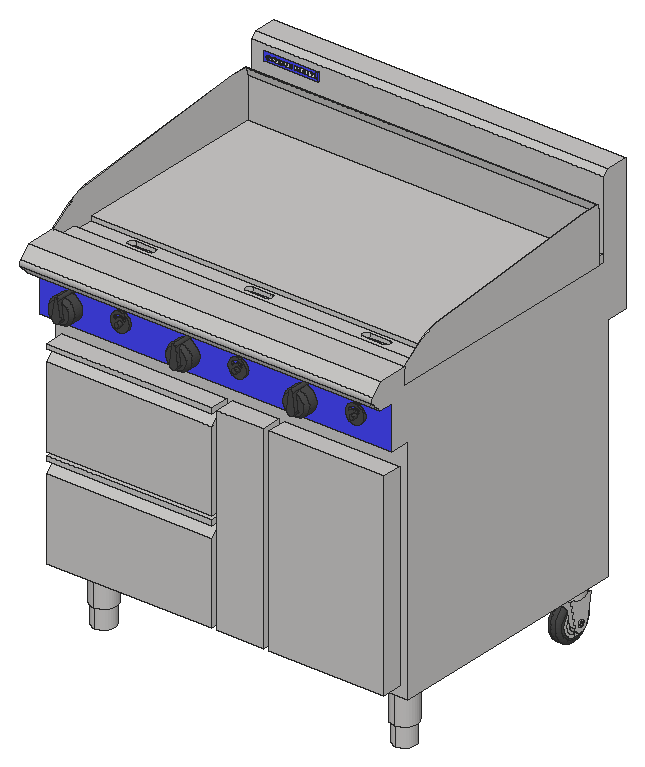
Revit family "QF_MOFFAT_BLUESEAL_CE_G516A-RB", category Specialty Equipment, Revit 2012
Parameters
  Weight in Pounds = 396  # constant formula
  Width [instance] = 900.00 mm  # constant formula
  Watts = 250 W
  Volts = 230 V
  URL Cutsheet = "www.moffat.com"
  URL = "www.moffat.com"
  Type Mark [instance] = ""
  Status [instance] = ""
  Specification by User [instance] = ""
  Specification by Manufacturer = ""
  Show Logo [instance] = yes
  Show Door [instance] = no
  Show Clearance [instance] = yes
  Show Casters [instance] = yes
  Serial Number = ""
  Seismic Rating = ""
  SMACNA No = ""
  Revision Code [instance] = ""
  Refrigerant Type = "R134a"
  Phase = 1
  Omniclass Number and Title = ""
  Number of Poles = 1
  NAFEM Spec ID Number = ""
  Model = "G516A-RB"
  Min Ckt Ampacity = 0 A
  Mechanical Remarks = ""
  Mechanical Connection Type = ""
  Max Overcurrent Protection = 0 A
  Masterspec = ""
  Manufacturer = "MOFFAT BLUESEAL"
  Legs [instance] = not(Show Casters)  # no
  Item Number [instance] = ""
  Installed By [instance] = ""
  Identify Quantity as Lot [instance] = yes
  HP = ""
  Gas Size = 3/4"
  Gas RI Height = 0.00 mm
  Gas KW = 16.6
  Gas Input = 56869.0 Btu/h
  Gas Connection Height = 0.00 mm
  Furnished By [instance] = ""
  Foodservice Equipment Identifier [instance] = yes
  FL Amps = 1.8 A
  Elec Conn RI Height = 0.00 mm
  Elec Conn Connection Height = 0.00 mm
  Drawer Clearance [instance] = and(Show Clearance, and(Drawer))  # yes
  Drawer [instance] = not(Show Door)  # yes
  Door Clearance [instance] = and(Show Clearance, and(Show Door))  # no
  Description = "900MM GAS GRIDDLE TOP ON REFRIGERATED BASE"
  Depth [instance] = 812.00 mm  # constant formula
  Cycle = 50 Hz
  Conn Plug = ""
  Conn Conduit = yes
  CSI MasterFormat = ""
  CSI Master Format = ""
  Back Splash [instance] = 215.00 mm  # constant formula
  Apparent Power = if(Phase = 3, Volts * FL Amps * 1.73, Volts * FL Amps)  # 414 VA
Reference planes
  plane 1 "BACK": y = 0
  plane 2: z = 0
  plane 3 "LEFT": x = 0
  plane 4 "RIGHT": x = 900
  plane 5 "FRONT": y = -812
  plane 6 "TOP": z = 970
  plane 7 "Center Y": x = 450
  plane 8 "Center X": y = -406
  plane 9 "Base Height": z = 150
  plane 10: z = 915
  plane 11: x = 65
  plane 12: x = 834
  plane 13: y = -625
  plane 14: x = 770
  plane 15: z = 655
  plane 16: y = -32
  plane 17: x = 617
  plane 18: z = 402
  plane 19: z = 1085
  plane 20: y = -100
Forms (mm)
  Extrusion 1, solid, material "QF_Finishes_Stainless Steel"
    sketch origin (0, 0, 0) x (0, 1, 0) y (0, 0, 1)
      loop
        line (-697, 150) -> (-57, 150) -> (-57, 740) -> (0, 740) -> (0, 1085) -> (-57.5, 1085) -> (-70, 1072.5) -> (-70, 875) -> (-705, 875) -> (-705, 915) -> (-783.97, 915) -> (-808.485, 890.485)
        arc (-808.485, 890.485) -> (-811.999, 882) -> (-808.485, 873.515) r 12
        line (-808.485, 873.515) -> (-784.97, 850) -> (-749, 850) -> (-749, 740) -> (-697, 740) -> (-697, 150)
    from 0 to 900
  Revolve 2, solid, material "QF_Finishes_Stainless Steel", visible <- "Legs"
    sketch origin (834, -210, 0) x (0, 1, 0) y (0, 0, -1)
      loop
        line (78.25, -150) -> (110, -150) -> (110, 0) -> (82.5, 0) -> (82.5, -50) -> (78.25, -50) -> (78.25, -150)
      axis (110, -150) -> (110, 0)
    angle from 0 to 360
  Revolve 3, solid, material "QF_Finishes_Stainless Steel"
    sketch origin (834, -735, 0) x (0, 1, 0) y (0, 0, -1)
      loop
        line (78.25, -150) -> (110, -150) -> (110, 0) -> (82.5, 0) -> (82.5, -50) -> (78.25, -50) -> (78.25, -150)
      axis (110, -150) -> (110, 0)
    angle from 0 to 360
  Revolve 4, solid, material "QF_Finishes_Stainless Steel", visible <- "Legs"
    sketch origin (65, -210, 0) x (0, 1, 0) y (0, 0, -1)
      loop
        line (78.25, -150) -> (110, -150) -> (110, 0) -> (82.5, 0) -> (82.5, -50) -> (78.25, -50) -> (78.25, -150)
      axis (110, -150) -> (110, 0)
    angle from 0 to 360
  Revolve 5, solid, material "QF_Finishes_Stainless Steel"
    sketch origin (65, -735, 0) x (0, 1, 0) y (0, 0, -1)
      loop
        line (78.25, -150) -> (110, -150) -> (110, 0) -> (82.5, 0) -> (82.5, -50) -> (78.25, -50) -> (78.25, -150)
      axis (110, -150) -> (110, 0)
    angle from 0 to 360
  Revolve 6, solid, material "QF_Finishes_Black"
    sketch origin (90, 0, 600) x (0, 1, 0) y (0, 0, -1)
      loop
        line (-789, -229.5) -> (-766, -229.5) -> (-766, -202) -> (-756, -202) -> (-756, -197) -> (-800, -197) -> (-800, -223.651) -> (-789, -229.5)
      axis (-800, -197) -> (-756, -197)
    angle from 0 to 360
  Extrusion 7, solid, material "QF_Finishes_Black"
    sketch origin (228.27, 0, 600.158) x (-1, 0, 0) y (0, 0, -1)
      loop
        line (127.85, -186.037) -> (133.271, -228.955)
        arc (133.271, -228.955) -> (138.27, -233.842) -> (143.268, -228.955) r 5
        line (143.268, -228.955) -> (148.757, -184.87)
        arc (148.757, -184.87) -> (137.685, -174.371) -> (127.85, -186.037) r 10.487
    from 759 to 808
  Extrusion 8, solid, material "QF_Finishes_Stainless Steel"
    sketch origin (0, -699, 685) x (1, 0, 0) y (0, -1, 0)
      loop
        circle (770, -667) r 13.5
    from -55 to 30
  Extrusion 9, solid, material "QF_Finishes_Stainless Steel"
    sketch origin (0, -57, 685) x (0, 0, 1) y (1, 0, 0)
      loop
        circle (-265, 620) r 13.5
    from 0 to 3.18
  Extrusion 10, solid, material "QF_Finishes_Black"
    sketch origin (0, -749, 866) x (0, 0, -1) y (1, 0, 0)
      loop
        circle (69, 510) r 23.9
      loop
        circle (69, 810) r 23.9
      loop
        circle (69, 210) r 23.9
      loop
        arc (61.641, 218.419) -> (62.501, 223.219) -> (57.701, 224.079) r 3.448
        arc (57.701, 224.079) -> (51.116, 209.341) -> (58.919, 195.209) r 18.095
        arc (58.919, 195.209) -> (63.641, 196.491) -> (62.326, 201.204) r 3.448
        arc (62.326, 201.204) -> (58.758, 209.683) -> (61.641, 218.419) r 13.109
      loop
        arc (61.641, 518.419) -> (62.501, 523.219) -> (57.701, 524.079) r 3.448
        arc (57.701, 524.079) -> (51.116, 509.341) -> (58.919, 495.209) r 18.095
        arc (58.919, 495.209) -> (63.641, 496.491) -> (62.326, 501.204) r 3.448
        arc (62.326, 501.204) -> (58.758, 509.683) -> (61.641, 518.419) r 13.109
      loop
        arc (61.641, 818.419) -> (62.501, 823.219) -> (57.701, 824.079) r 3.448
        arc (57.701, 824.079) -> (51.116, 809.341) -> (58.919, 795.209) r 18.095
        arc (58.919, 795.209) -> (63.641, 796.491) -> (62.326, 801.204) r 3.448
        arc (62.326, 801.204) -> (58.758, 809.683) -> (61.641, 818.419) r 13.109
    from 0 to 5
  Revolve 11, solid, material "QF_Finishes_Stainless Steel", visible <- "Show Casters"
    sketch origin (485.423, -100.755, -12.798) x (1, 0, 0) y (0, 0, 1)
      loop
        line (314.841, 63.604) -> (383.584, 63.604) -> (383.584, 67.109) -> (382.314, 68.379) -> (380.79, 68.379) -> (380.79, 71.826) -> (368.644, 71.826) -> (368.644, 81.79) -> (365.088, 83.843) -> (363.738, 92.179) -> (365.881, 92.179) -> (365.881, 98.529) -> (365.088, 98.529) -> (365.088, 104.879)
        arc (365.088, 104.879) -> (362.298, 111.614) -> (355.563, 114.404) r 9.525
        line (355.563, 114.404) -> (342.863, 114.404)
        arc (342.863, 114.404) -> (336.127, 111.614) -> (333.338, 104.879) r 9.525
        line (333.338, 104.879) -> (333.338, 98.529) -> (332.544, 98.529) -> (332.544, 92.179) -> (334.687, 92.179) -> (333.352, 83.932) -> (329.782, 81.871) -> (329.782, 71.826) -> (317.635, 71.826) -> (317.635, 68.379) -> (316.111, 68.379) -> (314.841, 67.109) -> (314.841, 63.604)
      axis (314.841, 63.604) -> (383.584, 63.604)
    angle from 0 to 360
  Extrusion 12, solid, material "QF_Finishes_Stainless Steel", visible <- "Show Casters"
    sketch origin (841.147, 132.353, -9.137) x (0, 1, 0) y (0, 0, 1)
      loop
        line (-200.603, 118.783) -> (-264.103, 118.783) -> (-251.746, 53.895)
        arc (-251.746, 53.895) -> (-232.353, 38.783) -> (-212.959, 53.895) r 20
        line (-212.959, 53.895) -> (-200.603, 118.783)
    from -35.667 to 22.923
  Revolve 13, solid, material "QF_Finishes_Stainless Steel", visible <- "Show Casters"
    sketch origin (834.646, -204, -0.354) x (0, 1, 0) y (0, 0, 1)
      loop
        line (68.25, 150) -> (68.25, 110) -> (104, 110) -> (104, 150) -> (68.25, 150)
      axis (104, 150) -> (104, 110)
    angle from 0 to 360
  Revolve 14, solid, material "QF_Finishes_Stainless Steel", visible <- "Show Casters"
    sketch origin (-283.577, -100.755, -12.798) x (1, 0, 0) y (0, 0, 1)
      loop
        line (314.841, 63.604) -> (383.584, 63.604) -> (383.584, 67.109) -> (382.314, 68.379) -> (380.79, 68.379) -> (380.79, 71.826) -> (368.644, 71.826) -> (368.644, 81.79) -> (365.088, 83.843) -> (363.738, 92.179) -> (365.881, 92.179) -> (365.881, 98.529) -> (365.088, 98.529) -> (365.088, 104.879)
        arc (365.088, 104.879) -> (362.298, 111.614) -> (355.563, 114.404) r 9.525
        line (355.563, 114.404) -> (342.863, 114.404)
        arc (342.863, 114.404) -> (336.127, 111.614) -> (333.338, 104.879) r 9.525
        line (333.338, 104.879) -> (333.338, 98.529) -> (332.544, 98.529) -> (332.544, 92.179) -> (334.687, 92.179) -> (333.352, 83.932) -> (329.782, 81.871) -> (329.782, 71.826) -> (317.635, 71.826) -> (317.635, 68.379) -> (316.111, 68.379) -> (314.841, 67.109) -> (314.841, 63.604)
      axis (314.841, 63.604) -> (383.584, 63.604)
    angle from 0 to 360
  Extrusion 15, solid, material "QF_Finishes_Stainless Steel", visible <- "Show Casters"
    sketch origin (72.147, 132.353, -9.137) x (0, 1, 0) y (0, 0, 1)
      loop
        line (-200.603, 118.783) -> (-264.103, 118.783) -> (-251.746, 53.895)
        arc (-251.746, 53.895) -> (-232.353, 38.783) -> (-212.959, 53.895) r 20
        line (-212.959, 53.895) -> (-200.603, 118.783)
    from -35.667 to 22.923
  Revolve 16, solid, material "QF_Finishes_Stainless Steel", visible <- "Show Casters"
    sketch origin (65.646, -204, -0.354) x (0, 1, 0) y (0, 0, 1)
      loop
        line (68.25, 150) -> (68.25, 110) -> (104, 110) -> (104, 150) -> (68.25, 150)
      axis (104, 150) -> (104, 110)
    angle from 0 to 360
  Revolve 17, solid, material "QF_Finishes_Black"
    sketch origin (390, 0, 600) x (0, 1, 0) y (0, 0, -1)
      loop
        line (-789, -229.5) -> (-766, -229.5) -> (-766, -202) -> (-756, -202) -> (-756, -197) -> (-800, -197) -> (-800, -223.651) -> (-789, -229.5)
      axis (-800, -197) -> (-756, -197)
    angle from 0 to 360
  Extrusion 18, solid, material "QF_Finishes_Black"
    sketch origin (528.27, 0, 600.158) x (-1, 0, 0) y (0, 0, -1)
      loop
        line (127.85, -186.037) -> (133.271, -228.955)
        arc (133.271, -228.955) -> (138.27, -233.842) -> (143.268, -228.955) r 5
        line (143.268, -228.955) -> (148.757, -184.87)
        arc (148.757, -184.87) -> (137.685, -174.371) -> (127.85, -186.037) r 10.487
    from 759 to 808
  Revolve 19, solid, material "QF_Finishes_Black"
    sketch origin (690, 0, 600) x (0, 1, 0) y (0, 0, -1)
      loop
        line (-789, -229.5) -> (-766, -229.5) -> (-766, -202) -> (-756, -202) -> (-756, -197) -> (-800, -197) -> (-800, -223.651) -> (-789, -229.5)
      axis (-800, -197) -> (-756, -197)
    angle from 0 to 360
  Extrusion 20, solid, material "QF_Finishes_Black"
    sketch origin (828.27, 0, 600.158) x (-1, 0, 0) y (0, 0, -1)
      loop
        line (127.85, -186.037) -> (133.271, -228.955)
        arc (133.271, -228.955) -> (138.27, -233.842) -> (143.268, -228.955) r 5
        line (143.268, -228.955) -> (148.757, -184.87)
        arc (148.757, -184.87) -> (137.685, -174.371) -> (127.85, -186.037) r 10.487
    from 759 to 808
  Extrusion 21, solid, material "QF_Finishes_Black"
    sketch origin (0, -754, 866) x (0, 0, -1) y (1, 0, 0)
      loop
        circle (72.5, 810) r 5.75
      loop
        circle (72.5, 510) r 5.75
      loop
        circle (72.5, 210) r 5.75
    from 0 to 10
  Extrusion 22, solid, material "QF_Finishes_Stainless Steel"
    sketch origin (0, 0, 0) x (0, 1, 0) y (0, 0, 1)
      loop
        line (-699, 678) -> (-747, 678) -> (-747, 665) -> (-715.13, 665) -> (-749, 636.579) -> (-749, 431) -> (-699, 431) -> (-699, 678)
      loop
        line (-749, 175) -> (-699, 175) -> (-699, 421) -> (-747, 421) -> (-747, 408) -> (-715.13, 408) -> (-749, 379.579) -> (-749, 175)
    from 17.986 to 440
  Extrusion 23, solid, material "QF_Finishes_Stainless Steel"
    sketch origin (723.5, 0, 0) x (0, 1, 0) y (0, 0, 1)
      loop
        line (-699, 678) -> (-749, 678) -> (-749, 175) -> (-699, 175) -> (-699, 678)
    from -270.5 to -150.5
  Extrusion 24, solid, material "QF_Door-Drawer Clearances", visible <- "Show Clearance", detail levels coarse
    sketch origin (0, -749, 676) x (0, 0, -1) y (1, 0, 0)
      loop
        line (501, 440) -> (255, 440) -> (255, 17.986) -> (501, 17.986) -> (501, 440)
      loop
        line (245, 440) -> (-2, 440) -> (-2, 17.986) -> (245, 17.986) -> (245, 440)
    from 0 to 304.8
  Extrusion 25, solid, material "QF_Finishes_Stainless Steel"
    sketch origin (1031.5, 0, 0) x (0, 1, 0) y (0, 0, 1)
      loop
        line (-699, 678) -> (-749, 678) -> (-749, 175) -> (-699, 175) -> (-699, 678)
    from -444.5 to -150.5
Lines and regions (mm)
  Split face 1
    outline origin (0, 612.322, 1085) x (0, -1, 0) y (1, 0, 0)
      loop
        arc (657.707, 566) -> (652.707, 574.66) -> (642.707, 574.66) r 10
        line (642.707, 574.66) -> (635.707, 570.619)
        arc (635.707, 570.619) -> (632.047, 566.959) -> (630.707, 561.959) r 10
        line (630.707, 561.959) -> (630.707, 334)
        arc (630.707, 334) -> (635.707, 325.34) -> (645.707, 325.34) r 10
        line (645.707, 325.34) -> (652.707, 329.381)
        arc (652.707, 329.381) -> (656.368, 333.041) -> (657.707, 338.041) r 10
        line (657.707, 338.041) -> (657.707, 566)
  Split face 2
    outline origin (0, 612.322, 1085) x (0, -1, 0) y (1, 0, 0)
      loop
        arc (630.707, 624) -> (635.707, 615.34) -> (645.707, 615.34) r 10
        line (645.707, 615.34) -> (652.707, 619.381)
        arc (652.707, 619.381) -> (656.368, 623.041) -> (657.707, 628.041) r 10
        line (657.707, 628.041) -> (657.707, 856)
        arc (657.707, 856) -> (652.707, 864.66) -> (642.707, 864.66) r 10
        line (642.707, 864.66) -> (635.707, 860.619)
        arc (635.707, 860.619) -> (632.047, 856.959) -> (630.707, 851.959) r 10
        line (630.707, 851.959) -> (630.707, 624)
  Split face 3
    outline origin (0, 612.322, 1085) x (0, -1, 0) y (1, 0, 0)
      loop
        arc (657.707, 276) -> (652.707, 284.66) -> (642.707, 284.66) r 10
        line (642.707, 284.66) -> (635.707, 280.619)
        arc (635.707, 280.619) -> (632.047, 276.959) -> (630.707, 271.959) r 10
        line (630.707, 271.959) -> (630.707, 44)
        arc (630.707, 44) -> (635.707, 35.34) -> (645.707, 35.34) r 10
        line (645.707, 35.34) -> (652.707, 39.381)
        arc (652.707, 39.381) -> (656.368, 43.041) -> (657.707, 48.041) r 10
        line (657.707, 48.041) -> (657.707, 276)
  Split face 4
    outline origin (1031.5, -749, 676) x (0, 0, -1) y (1, 0, 0)
      loop
        line (291.62, -416.534) -> (481.62, -416.534) -> (481.62, -181.534) -> (291.62, -181.534) -> (291.62, -416.534)
  Split face 5
    outline origin (1031.5, -749, 931) x (0, 0, -1) y (1, 0, 0)
      loop
        line (291.62, -416.534) -> (356.62, -416.534) -> (356.62, -181.534) -> (291.62, -181.534) -> (291.62, -416.534)
  Split face 6
    outline origin (1031.5, -749, 807.725) x (0, 0, -1) y (1, 0, 0)
      loop
        line (307.841, -274.649) -> (342.841, -274.649) -> (342.841, -219.649) -> (307.841, -219.649) -> (307.841, -274.649)
  Split face 7
    outline origin (939.097, -749, 808.536) x (0, 0, -1) y (1, 0, 0)
      loop
        line (307.841, -274.649) -> (342.841, -274.649) -> (342.841, -239.649) -> (307.841, -239.649) -> (307.841, -274.649)
  symbolic lines
    curve 1: line (0, 0, 0) -> (0, -812, 0)
    curve 2: line (900, 0, 0) -> (0, 0, 0)
    curve 3: line (900, -812, 0) -> (900, 0, 0)
    curve 4: line (0, -812, 0) -> (900, -812, 0)
    curve 13: line (0, -783.97, 0) -> (900, -783.97, 0)
    curve 14: line (0, -70, 0) -> (900, -70, 0)
    curve 15: line (334, -18.385, 0) -> (561.959, -18.385, 0)
    curve 16: arc (561.959, -18.385, 0) -> (566.959, -19.725, 0) -> (570.619, -23.385, 0) r 10
    curve 17: line (570.619, -23.385, 0) -> (574.66, -30.385, 0)
    curve 18: arc (574.66, -30.385, 0) -> (574.66, -40.385, 0) -> (566, -45.385, 0) r 10
    curve 19: line (566, -45.385, 0) -> (338.041, -45.385, 0)
    curve 20: arc (338.041, -45.385, 0) -> (333.041, -44.045, 0) -> (329.381, -40.385, 0) r 10
    curve 21: line (329.381, -40.385, 0) -> (325.34, -33.385, 0)
    curve 22: arc (325.34, -33.385, 0) -> (325.34, -23.385, 0) -> (334, -18.385, 0) r 10
    curve 23: line (44, -18.385, 0) -> (271.959, -18.385, 0)
    curve 24: arc (271.959, -18.385, 0) -> (276.959, -19.725, 0) -> (280.619, -23.385, 0) r 10
    curve 25: line (280.619, -23.385, 0) -> (284.66, -30.385, 0)
    curve 26: arc (284.66, -30.385, 0) -> (284.66, -40.385, 0) -> (276, -45.385, 0) r 10
    curve 27: line (276, -45.385, 0) -> (48.041, -45.385, 0)
    curve 28: arc (48.041, -45.385, 0) -> (43.041, -44.045, 0) -> (39.381, -40.385, 0) r 10
    curve 29: line (39.381, -40.385, 0) -> (35.34, -33.385, 0)
    curve 30: arc (35.34, -33.385, 0) -> (35.34, -23.385, 0) -> (44, -18.385, 0) r 10
    curve 31: line (624, -18.385, 0) -> (851.959, -18.385, 0)
    curve 32: arc (851.959, -18.385, 0) -> (856.959, -19.725, 0) -> (860.619, -23.385, 0) r 10
    curve 33: line (860.619, -23.385, 0) -> (864.66, -30.385, 0)
    curve 34: arc (864.66, -30.385, 0) -> (864.66, -40.385, 0) -> (856, -45.385, 0) r 10
    curve 35: line (856, -45.385, 0) -> (628.041, -45.385, 0)
    curve 36: arc (628.041, -45.385, 0) -> (623.041, -44.045, 0) -> (619.381, -40.385, 0) r 10
    curve 37: line (619.381, -40.385, 0) -> (615.34, -33.385, 0)
    curve 38: arc (615.34, -33.385, 0) -> (615.34, -23.385, 0) -> (624, -18.385, 0) r 10
    curve 39: line (0, -57.5, 0) -> (900, -57.5, 0)
  symbolic lines, style "SpecialityEquipmentHiddenLines", visible <- "Show Casters"
    curve 5: line (875.952, -62.61, 0) -> (825.152, -150.598, 0)
    curve 6: line (848.456, -46.735, 0) -> (875.952, -62.61, 0)
    curve 7: line (797.656, -134.723, 0) -> (848.456, -46.735, 0)
    curve 8: line (825.152, -150.598, 0) -> (797.656, -134.723, 0)
    curve 9: line (106.952, -62.61, 0) -> (56.152, -150.598, 0)
    curve 10: line (79.456, -46.735, 0) -> (106.952, -62.61, 0)
    curve 11: line (28.656, -134.723, 0) -> (79.456, -46.735, 0)
    curve 12: line (56.152, -150.598, 0) -> (28.656, -134.723, 0)
  symbolic lines, style "QF_Door-Drawer Clearances"
    curve 40: line (17.986, -1053.8, 0) -> (440, -1053.8, 0)
    curve 41: line (440, -1053.8, 0) -> (440, -812, 0)
    curve 42: line (17.986, -1053.8, 0) -> (17.986, -812, 0)
Dimensions and locks
  equal spacing: plane 3 "LEFT", plane 7 "Center Y", plane 4 "RIGHT"
  "Width": plane 3 "LEFT" to plane 4 "RIGHT"
  equal spacing: plane 5 "FRONT", plane 8 "Center X", plane 1 "BACK"
  "Depth": plane 5 "FRONT" to plane 1 "BACK"
  locked: plane 10 to level at 915
  locked: plane 9 "Base Height" to level at 150
  plane 6 "TOP" to plane 10 = 55.00 mm
  plane 12 to plane 11 = 769.00 mm
  plane 6 "TOP" to level = 970.00 mm
  plane 14 to plane 4 "RIGHT" = 130.00 mm
  plane 15 to level = 655.00 mm
  plane 16 to plane 1 "BACK" = 32.00 mm
  plane 17 to plane 4 "RIGHT" = 283.00 mm
  plane 18 to level = 402.00 mm
  plane 19 to plane 2 = 1085.00 mm
  Revolve 11 sketch curve to Revolve 11 sketch curve = 50.80 mm
  Revolve 14 sketch curve to Revolve 14 sketch curve = 50.80 mm
  plane 2 to Extrusion 9 sketch curve = 420.00 mm
  aligned and locked: level to plane 2
Automatic sketch dimensions
  Extrusion 1 sketch curve to plane 10 = 0.00 mm
  Extrusion 1 sketch curve to plane 9 "Base Height" = 0.00 mm
  Extrusion 1 sketch curve to plane 19 = 0.00 mm
  Extrusion 1 sketch curve to plane 1 "BACK" = 0.00 mm
  Extrusion 1 sketch curve to plane 16 = 25.00 mm
  Extrusion 1 sketch curve to plane 16 = 25.50 mm
  Extrusion 1 sketch curve to plane 20 = 30.00 mm
  Extrusion 1 sketch curve to plane 13 = 72.00 mm
  Extrusion 1 sketch curve to plane 13 = 80.00 mm
  Extrusion 1 sketch curve to Extrusion 1 sketch curve = 44.00 mm
  Extrusion 1 sketch curve to plane 5 "FRONT" = 28.03 mm
  Extrusion 1 sketch curve to plane 5 "FRONT" = 27.03 mm
  Extrusion 1 sketch curve to plane 5 "FRONT" = 12.001 mm
  Extrusion 1 sketch curve to plane 5 "FRONT" = 3.515 mm  (x2)
  plane 15 to Extrusion 1 sketch curve = 85.00 mm  (x2)
  Extrusion 1 sketch curve to plane 10 = 65.00 mm
  Extrusion 1 sketch curve to Extrusion 1 sketch curve = 23.515 mm
  Extrusion 1 sketch curve to Extrusion 1 sketch curve = 40.00 mm
  Extrusion 1 sketch curve to Extrusion 1 sketch curve = 8.485 mm
  Extrusion 1 sketch curve to plane 19 = 12.50 mm
  Revolve 2 sketch curve to plane 9 "Base Height" = 0.00 mm
  Revolve 2 sketch curve to level = 0.00 mm
  Revolve 2 sketch curve to plane 20 = 0.00 mm  (x2)
  plane 20 to Revolve 2 sketch curve = 27.50 mm
  plane 20 to Revolve 2 sketch curve = 31.75 mm
  level to Revolve 2 sketch curve = 50.00 mm
  Revolve 2 sketch curve to Revolve 2 sketch curve = 0.00 mm
  Revolve 2 sketch curve to Revolve 2 sketch curve = 55.00 mm
  Revolve 3 sketch curve to plane 9 "Base Height" = 0.00 mm
  Revolve 3 sketch curve to level = 0.00 mm
  Revolve 3 sketch curve to plane 13 = 0.00 mm  (x2)
  Revolve 3 sketch curve to plane 13 = 27.50 mm
  Revolve 3 sketch curve to plane 13 = 31.75 mm
  level to Revolve 3 sketch curve = 50.00 mm
  Revolve 3 sketch curve to Revolve 3 sketch curve = 0.00 mm
  Revolve 3 sketch curve to Revolve 3 sketch curve = 55.00 mm
  Revolve 4 sketch curve to plane 9 "Base Height" = 0.00 mm
  Revolve 4 sketch curve to level = 0.00 mm
  Revolve 4 sketch curve to plane 20 = 0.00 mm  (x2)
  plane 20 to Revolve 4 sketch curve = 27.50 mm
  plane 20 to Revolve 4 sketch curve = 31.75 mm
  level to Revolve 4 sketch curve = 50.00 mm
  Revolve 4 sketch curve to Revolve 4 sketch curve = 0.00 mm
  Revolve 4 sketch curve to Revolve 4 sketch curve = 55.00 mm
  Revolve 5 sketch curve to plane 9 "Base Height" = 0.00 mm
  Revolve 5 sketch curve to level = 0.00 mm
  Revolve 5 sketch curve to plane 13 = 0.00 mm  (x2)
  Revolve 5 sketch curve to plane 13 = 27.50 mm
  Revolve 5 sketch curve to plane 13 = 31.75 mm
  level to Revolve 5 sketch curve = 50.00 mm
  Revolve 5 sketch curve to Revolve 5 sketch curve = 0.00 mm
  Revolve 5 sketch curve to Revolve 5 sketch curve = 55.00 mm
  Revolve 6 sketch curve to plane 5 "FRONT" = 12.00 mm
  Revolve 6 sketch curve to Revolve 6 sketch curve = 0.00 mm  (x2)
  Revolve 6 sketch curve to Revolve 6 sketch curve = 11.00 mm
  Revolve 6 sketch curve to Revolve 6 sketch curve = 12.70 mm
  Revolve 6 sketch curve to Revolve 6 sketch curve = 23.00 mm
  Revolve 6 sketch curve to Revolve 6 sketch curve = 10.00 mm
  Revolve 6 sketch curve to plane 10 = 85.50 mm
  Revolve 6 sketch curve to Revolve 6 sketch curve = 5.849 mm
  Revolve 6 sketch curve to Revolve 6 sketch curve = 27.50 mm
  Revolve 6 sketch curve to Revolve 6 sketch curve = 5.00 mm
  plane 11 to Extrusion 7 sketch curve = 35.419 mm
  plane 11 to Extrusion 7 sketch curve = 29.999 mm
  Extrusion 7 sketch curve to Extrusion 7 sketch curve = 10.419 mm
  Extrusion 7 sketch curve to Extrusion 7 sketch curve = 4.999 mm  (x2)
  Extrusion 7 sketch curve to Extrusion 7 sketch curve = 10.487 mm
  Extrusion 7 sketch curve to plane 10 = 85.887 mm
  Extrusion 7 sketch curve to Extrusion 7 sketch curve = 0.113 mm
  Extrusion 7 sketch curve to Extrusion 7 sketch curve = 42.919 mm
  Extrusion 7 sketch curve to Extrusion 7 sketch curve = 1.167 mm
  Extrusion 8 sketch curve to plane 14 = 0.00 mm
  Extrusion 8 sketch curve to plane 16 = 0.00 mm
  Extrusion 1 to Extrusion 9 sketch curve = 280.00 mm
  plane 14 to Revolve 11 sketch curve = 30.264 mm
  Revolve 11 sketch curve to Revolve 11 sketch curve = 1.27 mm  (x4)
  Revolve 11 sketch curve to Revolve 11 sketch curve = 1.524 mm  (x2)
  Revolve 11 sketch curve to Revolve 11 sketch curve = 12.146 mm  (x2)
  plane 12 to Revolve 11 sketch curve = 16.033 mm
  Revolve 11 sketch curve to Revolve 11 sketch curve = 0.794 mm  (x2)
  Revolve 11 sketch curve to Revolve 11 sketch curve = 3.57 mm
  Revolve 11 sketch curve to Revolve 11 sketch curve = 2.143 mm
  plane 12 to Revolve 11 sketch curve = 5.715 mm
  Revolve 11 sketch curve to plane 12 = 5.776 mm
  Revolve 11 sketch curve to plane 12 = 6.985 mm
  Revolve 11 sketch curve to Revolve 11 sketch curve = 8.176 mm
  Revolve 11 sketch curve to Revolve 11 sketch curve = 1.349 mm  (x2)
  Revolve 11 sketch curve to Revolve 11 sketch curve = 3.556 mm
  Revolve 11 sketch curve to plane 4 "RIGHT" = 2.327 mm
  level to Revolve 11 sketch curve = 50.806 mm
  Revolve 11 sketch curve to Revolve 11 sketch curve = 0.00 mm
  Revolve 11 sketch curve to Revolve 11 sketch curve = 3.505 mm  (x2)
  Revolve 11 sketch curve to Revolve 11 sketch curve = 3.447 mm  (x2)
  Revolve 11 sketch curve to Revolve 11 sketch curve = 9.964 mm
  Revolve 11 sketch curve to Revolve 11 sketch curve = 10.045 mm
  Revolve 11 sketch curve to Revolve 11 sketch curve = 2.053 mm
  Revolve 11 sketch curve to Revolve 11 sketch curve = 2.061 mm
  Revolve 11 sketch curve to Revolve 11 sketch curve = 8.247 mm
  Revolve 11 sketch curve to Revolve 11 sketch curve = 8.336 mm
  Revolve 11 sketch curve to Revolve 11 sketch curve = 6.35 mm  (x2)
  Extrusion 12 sketch curve to plane 20 = 0.00 mm
  plane 20 to Extrusion 12 sketch curve = 19.393 mm
  plane 20 to Extrusion 12 sketch curve = 31.75 mm
  Extrusion 12 sketch curve to plane 20 = 19.393 mm
  Extrusion 12 sketch curve to plane 20 = 31.75 mm
  level to Extrusion 12 sketch curve = 44.758 mm
  Extrusion 12 sketch curve to Extrusion 12 sketch curve = 4.889 mm
  Extrusion 12 sketch curve to plane 9 "Base Height" = 40.354 mm
  Revolve 13 sketch curve to plane 20 = 0.00 mm  (x2)
  Revolve 13 sketch curve to plane 9 "Base Height" = 0.354 mm
  Revolve 13 sketch curve to Revolve 13 sketch curve = 35.75 mm
  Revolve 13 sketch curve to Revolve 13 sketch curve = 40.00 mm
  level to Revolve 13 sketch curve = 49.646 mm
  Revolve 13 sketch curve to level = 55.354 mm
  plane 3 "LEFT" to Revolve 14 sketch curve = 31.264 mm
  Revolve 14 sketch curve to Revolve 14 sketch curve = 1.27 mm  (x4)
  Revolve 14 sketch curve to Revolve 14 sketch curve = 1.524 mm  (x2)
  Revolve 14 sketch curve to Revolve 14 sketch curve = 12.146 mm  (x2)
  Revolve 14 sketch curve to plane 11 = 16.033 mm
  Revolve 14 sketch curve to Revolve 14 sketch curve = 0.794 mm  (x2)
  Revolve 14 sketch curve to Revolve 14 sketch curve = 3.57 mm
  Revolve 14 sketch curve to Revolve 14 sketch curve = 2.143 mm
  Revolve 14 sketch curve to plane 11 = 5.715 mm
  plane 11 to Revolve 14 sketch curve = 5.776 mm
  plane 11 to Revolve 14 sketch curve = 6.985 mm
  Revolve 14 sketch curve to Revolve 14 sketch curve = 8.176 mm
  Revolve 14 sketch curve to Revolve 14 sketch curve = 1.349 mm  (x2)
  Revolve 14 sketch curve to Revolve 14 sketch curve = 3.556 mm
  Revolve 14 sketch curve to Revolve 14 sketch curve = 33.32 mm
  level to Revolve 14 sketch curve = 50.806 mm
  Revolve 14 sketch curve to Revolve 14 sketch curve = 0.00 mm
  Revolve 14 sketch curve to Revolve 14 sketch curve = 3.505 mm  (x2)
  Revolve 14 sketch curve to Revolve 14 sketch curve = 3.447 mm  (x2)
  Revolve 14 sketch curve to Revolve 14 sketch curve = 9.964 mm
  Revolve 14 sketch curve to Revolve 14 sketch curve = 10.045 mm
  Revolve 14 sketch curve to Revolve 14 sketch curve = 2.053 mm
  Revolve 14 sketch curve to Revolve 14 sketch curve = 2.061 mm
  Revolve 14 sketch curve to Revolve 14 sketch curve = 8.247 mm
  Revolve 14 sketch curve to Revolve 14 sketch curve = 8.336 mm
  Revolve 14 sketch curve to Revolve 14 sketch curve = 6.35 mm  (x2)
  Extrusion 15 sketch curve to plane 20 = 0.00 mm
  plane 20 to Extrusion 15 sketch curve = 19.393 mm
  plane 20 to Extrusion 15 sketch curve = 31.75 mm
  Extrusion 15 sketch curve to plane 20 = 19.393 mm
  Extrusion 15 sketch curve to plane 20 = 31.75 mm
  level to Extrusion 15 sketch curve = 44.758 mm
  Extrusion 15 sketch curve to Extrusion 15 sketch curve = 4.889 mm
  Extrusion 15 sketch curve to plane 9 "Base Height" = 40.354 mm
  Revolve 16 sketch curve to plane 20 = 0.00 mm  (x2)
  Revolve 16 sketch curve to plane 9 "Base Height" = 0.354 mm
  plane 20 to Revolve 16 sketch curve = 35.75 mm
  Revolve 16 sketch curve to Revolve 16 sketch curve = 40.00 mm
  level to Revolve 16 sketch curve = 49.646 mm
  Revolve 16 sketch curve to level = 55.354 mm
  Split face 1 sketch curve to Extrusion 1 = 18.385 mm
  Split face 1 sketch curve to Split face 1 sketch curve = 5.00 mm  (x2)
  Split face 1 sketch curve to Split face 1 sketch curve = 10.00 mm  (x3)
  Split face 1 sketch curve to Split face 1 sketch curve = 7.00 mm  (x4)
  Split face 1 sketch curve to Extrusion 1 = 325.34 mm
  Split face 1 sketch curve to Split face 1 sketch curve = 4.041 mm  (x2)
  Split face 1 sketch curve to Split face 1 sketch curve = 223.917 mm
  Split face 2 sketch curve to Extrusion 1 = 18.385 mm
  Split face 2 sketch curve to Split face 2 sketch curve = 5.00 mm  (x2)
  Split face 2 sketch curve to Split face 2 sketch curve = 10.00 mm  (x3)
  Split face 2 sketch curve to Split face 2 sketch curve = 7.00 mm  (x4)
  Split face 2 sketch curve to Extrusion 1 = 284.66 mm
  Split face 2 sketch curve to Split face 2 sketch curve = 4.041 mm  (x2)
  Split face 2 sketch curve to Extrusion 1 = 48.041 mm
  Split face 3 sketch curve to Extrusion 1 = 18.385 mm
  Split face 3 sketch curve to Split face 3 sketch curve = 5.00 mm  (x2)
  Split face 3 sketch curve to Split face 3 sketch curve = 10.00 mm  (x3)
  Split face 3 sketch curve to Split face 3 sketch curve = 7.00 mm  (x4)
  Split face 3 sketch curve to Extrusion 1 = 35.34 mm
  Split face 3 sketch curve to Split face 3 sketch curve = 4.041 mm  (x2)
  Split face 3 sketch curve to Split face 3 sketch curve = 223.917 mm
  Revolve 17 sketch curve to plane 5 "FRONT" = 12.00 mm
  Revolve 17 sketch curve to Revolve 17 sketch curve = 0.00 mm  (x2)
  Revolve 17 sketch curve to Revolve 17 sketch curve = 11.00 mm
  Revolve 17 sketch curve to Revolve 17 sketch curve = 12.70 mm
  Revolve 17 sketch curve to Revolve 17 sketch curve = 23.00 mm
  Revolve 17 sketch curve to Revolve 17 sketch curve = 10.00 mm
  Revolve 17 sketch curve to plane 10 = 85.50 mm
  Revolve 17 sketch curve to Revolve 17 sketch curve = 5.849 mm
  Revolve 17 sketch curve to Revolve 17 sketch curve = 27.50 mm
  Revolve 17 sketch curve to Revolve 17 sketch curve = 5.00 mm
  Extrusion 18 sketch curve to plane 7 "Center Y" = 49.581 mm
  Extrusion 18 sketch curve to Extrusion 18 sketch curve = 5.421 mm
  Extrusion 18 sketch curve to Extrusion 18 sketch curve = 10.419 mm
  Extrusion 18 sketch curve to Extrusion 18 sketch curve = 4.999 mm  (x2)
  Extrusion 18 sketch curve to Extrusion 18 sketch curve = 10.487 mm
  Extrusion 18 sketch curve to plane 10 = 85.887 mm
  Extrusion 18 sketch curve to Extrusion 18 sketch curve = 0.113 mm
  Extrusion 18 sketch curve to Extrusion 18 sketch curve = 42.919 mm
  Extrusion 18 sketch curve to Extrusion 18 sketch curve = 1.167 mm
  Revolve 19 sketch curve to plane 5 "FRONT" = 12.00 mm
  Revolve 19 sketch curve to Revolve 19 sketch curve = 0.00 mm  (x2)
  Revolve 19 sketch curve to Revolve 19 sketch curve = 11.00 mm
  Revolve 19 sketch curve to Revolve 19 sketch curve = 12.70 mm
  Revolve 19 sketch curve to Revolve 19 sketch curve = 23.00 mm
  Revolve 19 sketch curve to Revolve 19 sketch curve = 10.00 mm
  Revolve 19 sketch curve to plane 10 = 85.50 mm
  Revolve 19 sketch curve to Revolve 19 sketch curve = 5.849 mm
  Revolve 19 sketch curve to Revolve 19 sketch curve = 27.50 mm
  Revolve 19 sketch curve to Revolve 19 sketch curve = 5.00 mm
  Extrusion 20 sketch curve to plane 14 = 69.581 mm
  Extrusion 20 sketch curve to Extrusion 20 sketch curve = 5.421 mm
  Extrusion 20 sketch curve to Extrusion 20 sketch curve = 10.419 mm
  Extrusion 20 sketch curve to Extrusion 20 sketch curve = 4.999 mm  (x2)
  Extrusion 20 sketch curve to Extrusion 20 sketch curve = 10.487 mm
  Extrusion 20 sketch curve to plane 10 = 85.887 mm
  Extrusion 20 sketch curve to Extrusion 20 sketch curve = 0.113 mm
  Extrusion 20 sketch curve to Extrusion 20 sketch curve = 42.919 mm
  Extrusion 20 sketch curve to Extrusion 20 sketch curve = 1.167 mm
  Extrusion 10 sketch curve to Extrusion 1 = 41.701 mm
  Extrusion 10 sketch curve to Extrusion 10 sketch curve = 1.218 mm
  Extrusion 10 sketch curve to Extrusion 10 sketch curve = 1.97 mm  (x6)
  Extrusion 10 sketch curve to Extrusion 10 sketch curve = 1.724 mm  (x3)
  Extrusion 10 sketch curve to Extrusion 10 sketch curve = 1.683 mm  (x3)
  Extrusion 10 sketch curve to Extrusion 1 = 53.00 mm  (x2)
  Extrusion 10 sketch curve to Extrusion 10 sketch curve = 6.674 mm
  Extrusion 10 sketch curve to Extrusion 10 sketch curve = 0.195 mm  (x3)
  Extrusion 10 sketch curve to Extrusion 10 sketch curve = 2.662 mm  (x3)
  Extrusion 1 to Extrusion 10 sketch curve = 195.209 mm
  Extrusion 10 sketch curve to Extrusion 10 sketch curve = 2.986 mm  (x3)
  Extrusion 10 sketch curve to Extrusion 10 sketch curve = 8.796 mm
  Extrusion 10 sketch curve to Extrusion 10 sketch curve = 0.103 mm  (x3)
  Extrusion 10 sketch curve to Extrusion 10 sketch curve = 0.102 mm  (x3)
  Extrusion 10 sketch curve to Extrusion 10 sketch curve = 285.921 mm
  Extrusion 1 to Extrusion 10 sketch curve = 90.00 mm
  Extrusion 10 sketch curve to Extrusion 10 sketch curve = 11.299 mm  (x2)
  Extrusion 10 sketch curve to Extrusion 10 sketch curve = 10.081 mm  (x2)
  Extrusion 10 sketch curve to Extrusion 10 sketch curve = 14.791 mm  (x2)
  Extrusion 22 sketch curve to plane 15 = 18.421 mm
  Extrusion 22 sketch curve to plane 5 "FRONT" = 63.00 mm  (x2)
  plane 9 "Base Height" to Extrusion 22 sketch curve = 25.00 mm
  plane 18 to Extrusion 22 sketch curve = 6.00 mm
  Extrusion 22 sketch curve to Extrusion 22 sketch curve = 2.00 mm  (x2)
  plane 15 to Extrusion 22 sketch curve = 10.00 mm
  Extrusion 22 sketch curve to Extrusion 22 sketch curve = 31.87 mm  (x2)
  Extrusion 22 sketch curve to Extrusion 22 sketch curve = 50.00 mm
  Extrusion 22 sketch curve to Extrusion 22 sketch curve = 0.00 mm
  Extrusion 22 sketch curve to plane 18 = 22.421 mm
  plane 18 to Extrusion 22 sketch curve = 19.00 mm
  Extrusion 22 sketch curve to Extrusion 22 sketch curve = 10.00 mm
  Extrusion 22 sketch curve to Extrusion 22 sketch curve = 13.00 mm
  plane 9 "Base Height" to Extrusion 23 sketch curve = 25.00 mm
  Extrusion 23 sketch curve to plane 5 "FRONT" = 63.00 mm
  Extrusion 23 sketch curve to Extrusion 23 sketch curve = 50.00 mm
  plane 15 to Extrusion 23 sketch curve = 23.00 mm
  Extrusion 24 sketch curve to Extrusion 22 = 0.00 mm  (x3)
  Extrusion 22 to Extrusion 24 sketch curve = 0.00 mm  (x2)
  Extrusion 22 to Extrusion 24 sketch curve = 41.421 mm
  Extrusion 22 to Extrusion 24 sketch curve = 10.00 mm
  Extrusion 24 sketch curve to Extrusion 24 sketch curve = 246.00 mm
  plane 9 "Base Height" to Extrusion 25 sketch curve = 25.00 mm
  Extrusion 25 sketch curve to plane 5 "FRONT" = 63.00 mm
  Extrusion 25 sketch curve to Extrusion 25 sketch curve = 50.00 mm
  plane 15 to Extrusion 25 sketch curve = 23.00 mm
  Split face 4 sketch curve to Extrusion 25 = 31.034 mm
  Split face 4 sketch curve to Extrusion 25 = 209.38 mm
  Split face 4 sketch curve to Extrusion 25 = 19.38 mm
  Split face 4 sketch curve to Extrusion 25 = 27.966 mm
  Split face 5 sketch curve to Extrusion 25 = 38.62 mm
  Split face 5 sketch curve to Extrusion 25 = 27.966 mm
  Split face 5 sketch curve to Split face 5 sketch curve = 65.00 mm
  Split face 5 sketch curve to Extrusion 25 = 31.034 mm
  Split face 6 sketch curve to Extrusion 25 = 69.149 mm
  Split face 6 sketch curve to Extrusion 25 = 178.116 mm
  Split face 6 sketch curve to Split face 6 sketch curve = 35.00 mm
  Split face 6 sketch curve to Split face 6 sketch curve = 55.00 mm
  Split face 7 sketch curve to Extrusion 25 = 177.305 mm
  Split face 7 sketch curve to Split face 7 sketch curve = 35.00 mm  (x2)
  Split face 7 sketch curve to Extrusion 25 = 77.448 mm
  plane 1 "BACK" to curve 1 = 0.00 mm
  curve 1 to plane 3 "LEFT" = 0.00 mm
  plane 5 "FRONT" to curve 42 = 0.00 mm
  curve 39 to plane 4 "RIGHT" = 0.00 mm
  plane 3 "LEFT" to curve 42 = 17.986 mm
  plane 3 "LEFT" to curve 12 = 28.656 mm
  curve 29 to plane 16 = 1.385 mm
  curve 29 to plane 11 = 29.66 mm
  curve 29 to plane 16 = 8.385 mm
  curve 30 to curve 29 = 4.041 mm
  plane 16 to curve 23 = 13.615 mm
  curve 30 to curve 23 = 8.66 mm
  curve 28 to curve 28 = 8.66 mm
  curve 9 to plane 11 = 8.848 mm
  plane 11 to curve 11 = 14.456 mm
  plane 16 to curve 24 = 3.615 mm
  curve 9 to curve 24 = 165.007 mm
  curve 26 to plane 16 = 3.385 mm
  curve 24 to curve 26 = 4.041 mm
  plane 16 to curve 24 = 8.615 mm
  plane 16 to curve 25 = 1.615 mm
  curve 25 to curve 25 = 4.041 mm
  curve 22 to plane 16 = 1.385 mm
  curve 25 to curve 22 = 40.679 mm
  curve 21 to plane 16 = 8.385 mm
  curve 21 to curve 21 = 4.041 mm
  plane 16 to curve 15 = 13.615 mm
  curve 22 to curve 15 = 8.66 mm
  curve 21 to curve 19 = 8.66 mm
  curve 41 to plane 7 "Center Y" = 10.00 mm
  curve 15 to plane 17 = 55.041 mm
  curve 16 to curve 19 = 4.041 mm
  plane 16 to curve 17 = 8.615 mm
  curve 15 to curve 17 = 8.66 mm
  plane 16 to curve 17 = 1.615 mm
  curve 17 to curve 17 = 4.041 mm
  curve 38 to plane 17 = 1.66 mm
  plane 17 to curve 36 = 2.381 mm
  plane 17 to curve 38 = 7.00 mm
  curve 36 to plane 16 = 3.385 mm
  curve 38 to curve 36 = 4.041 mm
  plane 14 to curve 8 = 27.656 mm
  plane 12 to curve 5 = 8.848 mm
  curve 7 to plane 12 = 14.456 mm
  plane 16 to curve 32 = 3.615 mm
  curve 32 to plane 12 = 17.959 mm
  curve 34 to plane 16 = 3.385 mm
  curve 32 to curve 34 = 4.041 mm  (x2)
  plane 16 to curve 33 = 8.615 mm
  curve 32 to curve 33 = 8.66 mm
  plane 16 to curve 34 = 1.615 mm
  curve 40 to curve 42 = 241.80 mm
  curve 13 to plane 5 "FRONT" = 28.03 mm
  plane 20 to curve 9 = 50.598 mm
  plane 20 to curve 5 = 50.598 mm
  curve 5 to curve 7 = 15.875 mm
  curve 9 to curve 11 = 15.875 mm
  curve 14 to curve 5 = 7.39 mm
  curve 14 to curve 39 = 12.50 mm
  curve 18 to plane 16 = 13.385 mm
  curve 37 to plane 16 = 1.385 mm
  radius of Extrusion 8 sketch curve = 13.50 mm
  radius of Extrusion 9 sketch curve = 13.50 mm
  radius of Extrusion 10 sketch curve = 23.90 mm  (x3)
Nested families
  nested 1: "WALDORF LOGO_FACE BASE" at (32, -70, 1056.885) x (1, 0, 0) z (0, -1, 0), visible <- "Show Logo", type "WALDORF LOGO_FACE BASE", detail levels medium+fine
    with Show Logo yes
  nested 2: "GAS GRIDDLE PLATE 900" at (0, -85, 874.5), type "GAS GRIDDLE PLATE 900"
    with Width 900.00 mm, Type Mark "", Status "", Specification by User "", Revision Code "", Item Number "", Installed By "", Identify Quantity as Lot yes, Furnished By "", Foodservice Equipment Identifier yes, Depth 620.00 mm
Connectors
  piping at (770, -32, 655)
    settings: on Extrusion 8, index 1, connector radius 0.37402", flow factor 0, pipe flow 0 GPM, pressure drop 0.00 psi, fitting loss kfactor 0, connector angle 0.00°, fixture units 0, engagement length 0.00 mm, flow configuration 1, flow direction 1, fitting loss method 0, system type 7, joint type 0, gender type 0, connector reference index -1, connector utility 0, adjustable connector no, is connector primary yes, fitting loss table "", connector description "GAS CONNECTION"
  electrical at (620, -53.82, 420), driven by "Volts", driven by "Watts"
    settings: on Extrusion 9, index 2, voltage 230 V, apparent load 250 VA, apparent load phase1 0 VA, apparent load phase2 0 VA, apparent load phase3 0 VA, power factor 1, load classification "Other", number of poles 1, system type 30, power factor state 1, is connector primary yes, connector utility no, sub classification motor no, connector description "ELECTRICAL CONNECTION"
Definition of nested family "WALDORF LOGO_FACE BASE"
  Parameters (values of type "WALDORF LOGO_FACE BASE")
    Show Logo [instance] = yes
    Default Elevation = 1219.20 mm
  Reference planes
    plane 1 "Center (Front/Back)": y = 0
    plane 2: z = 0
    plane 3 "Center (Left/Right)": x = 0
  Forms (mm)
    Extrusion 1, solid
      sketch origin (0, 0, 0) x (1, 0, 0) y (0, 1, 0)
        loop
          line (-1219.2, 1219.2) -> (-1219.2, -1219.2) -> (1219.2, -1219.2) -> (1219.2, 1219.2) -> (-1219.2, 1219.2)
      from 0 to -304.8
    Extrusion 2, solid, material "QF_Finishes_Blue", visible <- "Show Logo"
      sketch origin (0, -33.217, 0) x (1, 0, 0) y (0, 1, 0)
        loop
          arc (138, 31.942) -> (137.626, 32.844) -> (136.724, 33.217) r 1.276
          line (136.724, 33.217) -> (1.29, 33.217)
          arc (1.29, 33.217) -> (0.378, 32.839) -> (0, 31.927) r 1.29
          line (0, 31.927) -> (0, 11.507)
          arc (0, 11.507) -> (0.378, 10.595) -> (1.29, 10.217) r 1.29
          line (1.29, 10.217) -> (136.71, 10.217)
          arc (136.71, 10.217) -> (137.622, 10.595) -> (138, 11.507) r 1.29
          line (138, 11.507) -> (138, 31.942)
      from 0 to 1.588
    Extrusion 3, solid, material "QF_Finishes_White", visible <- "Show Logo"
      sketch origin (0, -33.217, 1.588) x (1, 0, 0) y (0, 1, 0)
        loop
          arc (108.946, 25.919) -> (107.613, 25.367) -> (107.061, 24.034) r 1.885
          line (107.061, 24.034) -> (107.061, 17.211) -> (112.704, 17.211) -> (112.704, 19.129) -> (115.546, 19.129) -> (115.546, 17.211) -> (121.584, 17.211) -> (121.584, 24.075)
          arc (121.584, 24.075) -> (121.043, 25.379) -> (119.739, 25.919) r 1.845
          line (119.739, 25.919) -> (108.946, 25.919)
        loop
          line (123.478, 25.919) -> (123.478, 17.163) -> (134.904, 17.163) -> (134.904, 19.129) -> (129.246, 19.129) -> (129.246, 25.919) -> (123.478, 25.919)
        loop
          line (112.704, 21.258) -> (115.546, 21.258) -> (115.546, 22.702)
          arc (115.546, 22.702) -> (115.344, 23.188) -> (114.858, 23.389) r 0.687
          line (114.858, 23.389) -> (113.363, 23.389)
          arc (113.363, 23.389) -> (112.897, 23.196) -> (112.704, 22.73) r 0.658
          line (112.704, 22.73) -> (112.704, 21.258)
        loop
          line (105.071, 25.919) -> (93.771, 25.919) -> (93.771, 17.163) -> (105.071, 17.163) -> (105.071, 19.063) -> (99.535, 19.063) -> (99.535, 20.437) -> (105.071, 20.437) -> (105.071, 22.278) -> (99.535, 22.278) -> (99.535, 23.587) -> (105.071, 23.587) -> (105.071, 25.919)
        loop
          line (91.104, 25.919) -> (79.541, 25.919)
          arc (79.541, 25.919) -> (78.558, 25.513) -> (78.152, 24.53) r 1.389
          line (78.152, 24.53) -> (78.152, 22.08)
          arc (78.152, 22.08) -> (78.558, 21.098) -> (79.541, 20.691) r 1.389
          line (79.541, 20.691) -> (86.346, 20.691) -> (86.346, 18.864) -> (83.266, 18.864) -> (83.266, 19.664) -> (78.152, 19.664) -> (78.152, 18.553)
          arc (78.152, 18.553) -> (78.558, 17.57) -> (79.541, 17.163) r 1.389
          line (79.541, 17.163) -> (91.063, 17.163)
          arc (91.063, 17.163) -> (92.045, 17.57) -> (92.452, 18.553) r 1.389
          line (92.452, 18.553) -> (92.452, 20.691)
          arc (92.452, 20.691) -> (92.045, 21.673) -> (91.063, 22.08) r 1.389
          line (91.063, 22.08) -> (83.266, 22.08) -> (83.266, 23.984) -> (86.346, 23.984) -> (86.346, 22.743) -> (92.452, 22.743) -> (92.452, 24.571)
          arc (92.452, 24.571) -> (92.057, 25.524) -> (91.104, 25.919) r 1.348
        loop
          line (70.705, 25.919) -> (59.405, 25.919) -> (59.405, 17.163) -> (70.705, 17.163) -> (70.705, 19.063) -> (65.169, 19.063) -> (65.169, 20.437) -> (70.705, 20.437) -> (70.705, 22.278) -> (65.169, 22.278) -> (65.169, 23.587) -> (70.705, 23.587) -> (70.705, 25.919)
        loop
          line (57.598, 25.919) -> (51.7, 25.919) -> (51.7, 20.18)
          arc (51.7, 20.18) -> (50.63, 19.11) -> (49.56, 20.18) r 1.07
          line (49.56, 20.18) -> (49.56, 25.919) -> (43.663, 25.919) -> (43.663, 19.049)
          arc (43.663, 19.049) -> (44.215, 17.716) -> (45.548, 17.163) r 1.885
          line (45.548, 17.163) -> (55.71, 17.163)
          arc (55.71, 17.163) -> (57.045, 17.716) -> (57.598, 19.051) r 1.887
          line (57.598, 19.051) -> (57.598, 25.919)
        loop
          line (31.62, 25.919) -> (31.62, 17.163) -> (43.046, 17.163) -> (43.046, 19.129) -> (37.388, 19.129) -> (37.388, 25.919) -> (31.62, 25.919)
        loop
          line (15.969, 25.919) -> (15.969, 17.163) -> (28.693, 17.163)
          arc (28.693, 17.163) -> (29.812, 17.627) -> (30.276, 18.746) r 1.582
          line (30.276, 18.746) -> (30.276, 20.447) -> (29.48, 21.243) -> (30.276, 22.039) -> (30.276, 24.332)
          arc (30.276, 24.332) -> (29.811, 25.454) -> (28.688, 25.919) r 1.587
          line (28.688, 25.919) -> (15.969, 25.919)
        loop
          line (21.449, 24.159) -> (21.449, 22.436) -> (23.862, 22.436)
          arc (23.862, 22.436) -> (24.723, 23.298) -> (23.862, 24.159) r 0.861
          line (23.862, 24.159) -> (21.449, 24.159)
        loop
          line (21.449, 20.244) -> (21.449, 18.522) -> (23.862, 18.522)
          arc (23.862, 18.522) -> (24.723, 19.383) -> (23.862, 20.244) r 0.861
          line (23.862, 20.244) -> (21.449, 20.244)
      from 0 to 0.2
    Extrusion 4, solid, material "QF_Finishes_Blue", visible <- "Show Logo"
      sketch origin (-126.498, -31.09, 1.588) x (1, 0, 0) y (0, 1, 0)
        loop
          line (136.738, 23.522) -> (136.738, 15.1)
          arc (136.738, 15.1) -> (140.756, 19.311) -> (136.738, 23.522) r 4.216
      from 0 to 0.2
    Extrusion 5, solid, material "QF_Finishes_Red", visible <- "Show Logo"
      sketch origin (146.849, -31.09, 1.588) x (-1, 0, 0) y (0, -1, 0)
        loop
          arc (136.738, -23.522) -> (140.756, -19.311) -> (136.738, -15.1) r 4.216
          line (136.738, -15.1) -> (136.738, -23.522)
      from 0 to 0.2
  Lines and regions (mm)
    Split face 1
      outline origin (-90.35, -30.793, 1.588) x (1, 0, 0) y (0, 1, 0)
        loop
          circle (100.54, 19.013) r 4.536
  Dimensions and locks
    aligned and locked: plane 2 to Extrusion 1
    aligned and locked: level to Extrusion 1
Definition of nested family "GAS GRIDDLE PLATE 900"
  Parameters (values of type "GAS GRIDDLE PLATE 900")
    Width [instance] = 900.00 mm
    Weight in Pounds = 0
    URL Cutsheet = ""
    Type Mark [instance] = ""
    Status [instance] = ""
    Specification by User [instance] = ""
    Specification by Manufacturer = ""
    Serial Number = ""
    Seismic Rating = ""
    SMACNA No = ""
    Revision Code [instance] = ""
    Omniclass Number and Title = ""
    NAFEM Spec ID Number = ""
    Masterspec = ""
    Item Number [instance] = ""
    Installed By [instance] = ""
    Identify Quantity as Lot [instance] = yes
    Furnished By [instance] = ""
    Foodservice Equipment Identifier [instance] = yes
    Depth [instance] = 620.00 mm
    CSI MasterFormat = ""
    CSI Master Format = ""
  Reference planes
    plane 1 "BACK": y = 0
    plane 2: z = 0
    plane 3 "LEFT": x = 0
    plane 4 "RIGHT": x = 900
    plane 5 "FRONT": y = -620
    plane 6 "TOP": z = 142.5
    plane 7 "Center Y": x = 450
    plane 8 "Center X": y = -310
    plane 9: y = -530.997
    plane 10: y = -541.497
    plane 11: y = -503.25
    plane 12: y = -557.737
  Forms (mm)
    Extrusion 1, solid, material "QF_Finishes_Stainless Steel"
      sketch origin (0, 70.003, -874.5) x (0, 1, 0) y (0, 0, 1)
        loop
          line (-70, 875) -> (-70, 997.489) -> (-75.228, 1017) -> (-117.24, 1017) -> (-589.533, 971.523)
          arc (-589.533, 971.523) -> (-614.56, 965.803) -> (-637.306, 953.899) r 100
          line (-637.306, 953.899) -> (-690.003, 917) -> (-690.003, 875) -> (-70, 875)
      from 0 to 1.8
    Extrusion 2, solid, material "QF_Finishes_Stainless Steel"
      sketch origin (600, 70.003, -874.5) x (0, -1, 0) y (0, 0, 1)
        loop
          line (70, 875) -> (690.003, 875) -> (690.003, 917) -> (637.306, 953.899)
          arc (637.306, 953.899) -> (614.56, 965.803) -> (589.533, 971.523) r 100
          line (589.533, 971.523) -> (117.24, 1017) -> (75.228, 1017) -> (70, 997.489) -> (70, 875)
      from -300 to -298.8
    Extrusion 3, solid, material "QF_Finishes_Stainless Steel"
      sketch origin (150, 70.003, -874.5) x (0, 1, 0) y (0, 0, 1)
        loop
          line (-55, 895) -> (-573.253, 895) -> (-573.253, 884.5) -> (-627.74, 884.5) -> (-627.74, 895) -> (-690.003, 895) -> (-690.003, 875) -> (-55, 875) -> (-55, 895)
      from -148.2 to 748.8
    Extrusion 4, void
      sketch origin (0.113, -541.497, 10) x (0, -1, 0) y (1, 0, 0)
        loop
          arc (-7.497, 175) -> (-17.497, 185) -> (-27.497, 175) r 10
          line (-27.497, 175) -> (-27.497, 125)
          arc (-27.497, 125) -> (-17.497, 115) -> (-7.497, 125) r 10
          line (-7.497, 125) -> (-7.497, 175)
        loop
          line (-7.497, 424.887) -> (-7.497, 474.887)
          arc (-7.497, 474.887) -> (-17.497, 484.887) -> (-27.497, 474.887) r 10
          line (-27.497, 474.887) -> (-27.497, 424.887)
          arc (-27.497, 424.887) -> (-17.497, 414.887) -> (-7.497, 424.887) r 10
        loop
          line (-7.497, 724.774) -> (-7.497, 774.774)
          arc (-7.497, 774.774) -> (-17.497, 784.774) -> (-27.497, 774.774) r 10
          line (-27.497, 774.774) -> (-27.497, 724.774)
          arc (-27.497, 724.774) -> (-17.497, 714.774) -> (-7.497, 724.774) r 10
      from -41.4 to 40.142
    Extrusion 5, solid, material "QF_Finishes_Stainless Steel"
      sketch origin (0, 70.003, -874.5) x (0, 1, 0) y (0, 0, 1)
        loop
          line (-70, 875) -> (-70, 997.489) -> (-75.228, 1017) -> (-76.884, 1017) -> (-71.6, 997.278) -> (-71.6, 875) -> (-70, 875)
      from 0 to 898.8
  Cuts and joins
    Extrusion 4 cuts Extrusion 3
    joined: Extrusion 1, Extrusion 2, Extrusion 3, Extrusion 5
  Lines and regions (mm)
    symbolic lines
      curve 1: line (900, -503.25, 0) -> (0, -503.25, 0)
      curve 2: line (0, -557.737, 0) -> (900, -557.737, 0)
      curve 3: line (0, -1.68, 0) -> (900, -1.68, 0)
      curve 4: line (900, -1.68, 0) -> (900, -620, 0)
      curve 5: line (0, -620, 0) -> (0, -1.68, 0)
      curve 6: line (0, -620, 0) -> (900, -620, 0)
      curve 7: arc (175.113, -534, 0) -> (185.113, -524, 0) -> (175.113, -514, 0) r 10
      curve 8: line (175.113, -514, 0) -> (125.113, -514, 0)
      curve 9: arc (125.113, -514, 0) -> (115.113, -524, 0) -> (125.113, -534, 0) r 10
      curve 10: line (125.113, -534, 0) -> (175.113, -534, 0)
      curve 11: arc (425, -534, 0) -> (415, -524, 0) -> (425, -514, 0) r 10
      curve 12: line (425, -514, 0) -> (475, -514, 0)
      curve 13: arc (475, -514, 0) -> (485, -524, 0) -> (475, -534, 0) r 10
      curve 14: line (475, -534, 0) -> (425, -534, 0)
      curve 15: arc (724.887, -534, 0) -> (714.887, -524, 0) -> (724.887, -514, 0) r 10
      curve 16: line (724.887, -514, 0) -> (774.887, -514, 0)
      curve 17: arc (774.887, -514, 0) -> (784.887, -524, 0) -> (774.887, -534, 0) r 10
      curve 18: line (774.887, -534, 0) -> (724.887, -534, 0)
  Dimensions and locks
    equal spacing: plane 3 "LEFT", plane 7 "Center Y", plane 4 "RIGHT"
    "Width": plane 3 "LEFT" to plane 4 "RIGHT"
    equal spacing: plane 5 "FRONT", plane 8 "Center X", plane 1 "BACK"
    "Depth": plane 5 "FRONT" to plane 1 "BACK"
    locked: Extrusion 2 to Extrusion 2 at 1.2
    aligned and locked: level to plane 2
    aligned and locked: Extrusion 2 to plane 4 "RIGHT"
    aligned and locked: curve 1 to plane 11
    aligned and locked: plane 12 to curve 2
    aligned and locked: Extrusion 5 to cut or joined group of Extrusion 1, Extrusion 2, Extrusion 3, Extrusion 4, Extrusion 5
  Automatic sketch dimensions
    Extrusion 1 sketch curve to plane 5 "FRONT" = 0.00 mm
    Extrusion 1 sketch curve to plane 6 "TOP" = 0.00 mm
    plane 12 to Extrusion 1 sketch curve = 9.566 mm
    plane 11 to Extrusion 1 sketch curve = 16.28 mm
    Extrusion 1 sketch curve to level = 2.516 mm
    plane 11 to Extrusion 1 sketch curve = 6.695 mm
    plane 1 "BACK" to Extrusion 1 sketch curve = 47.237 mm
    plane 1 "BACK" to Extrusion 1 sketch curve = 5.225 mm
    Extrusion 1 sketch curve to plane 1 "BACK" = 0.003 mm
    level to Extrusion 1 sketch curve = 0.50 mm
    Extrusion 1 sketch curve to Extrusion 1 sketch curve = 42.00 mm
    Extrusion 1 sketch curve to plane 6 "TOP" = 63.101 mm
    Extrusion 1 sketch curve to plane 6 "TOP" = 19.511 mm
    Extrusion 2 sketch curve to plane 6 "TOP" = 0.00 mm
    Extrusion 2 sketch curve to plane 5 "FRONT" = 0.00 mm
    plane 12 to Extrusion 2 sketch curve = 9.566 mm
    plane 11 to Extrusion 2 sketch curve = 16.28 mm
    Extrusion 2 sketch curve to level = 2.516 mm
    plane 11 to Extrusion 2 sketch curve = 6.695 mm
    plane 1 "BACK" to Extrusion 2 sketch curve = 47.237 mm
    plane 1 "BACK" to Extrusion 2 sketch curve = 5.225 mm
    Extrusion 2 sketch curve to plane 1 "BACK" = 0.003 mm
    level to Extrusion 2 sketch curve = 0.50 mm
    Extrusion 2 sketch curve to Extrusion 2 sketch curve = 42.00 mm
    Extrusion 2 sketch curve to plane 6 "TOP" = 63.101 mm
    Extrusion 2 sketch curve to plane 6 "TOP" = 19.511 mm
    Extrusion 3 sketch curve to plane 5 "FRONT" = 0.00 mm
    Extrusion 3 sketch curve to plane 12 = 0.00 mm
    Extrusion 3 sketch curve to plane 11 = 0.00 mm
    Extrusion 3 sketch curve to plane 1 "BACK" = 15.003 mm
    level to Extrusion 3 sketch curve = 0.50 mm
    level to Extrusion 3 sketch curve = 10.00 mm
    Extrusion 3 sketch curve to Extrusion 3 sketch curve = 10.50 mm  (x2)
    plane 1 "BACK" to Extrusion 5 sketch curve = 5.225 mm
    Extrusion 5 sketch curve to plane 1 "BACK" = 0.003 mm
    Extrusion 5 sketch curve to plane 6 "TOP" = 19.511 mm
    Extrusion 5 sketch curve to Extrusion 5 sketch curve = 1.60 mm
    Extrusion 5 sketch curve to Extrusion 5 sketch curve = 0.211 mm
    Extrusion 5 sketch curve to plane 6 "TOP" = 0.00 mm
    Extrusion 5 sketch curve to Extrusion 5 sketch curve = 1.656 mm
    level to Extrusion 5 sketch curve = 0.50 mm
    curve 6 to plane 3 "LEFT" = 0.00 mm
    curve 3 to plane 4 "RIGHT" = 0.00 mm
    plane 5 "FRONT" to curve 6 = 0.00 mm
    plane 11 to curve 9 = 20.75 mm
    plane 3 "LEFT" to curve 9 = 125.113 mm
    curve 10 to plane 12 = 23.737 mm
    curve 9 to curve 10 = 50.00 mm
    curve 14 to plane 7 "Center Y" = 25.00 mm
    plane 11 to curve 12 = 10.75 mm
    plane 7 "Center Y" to curve 12 = 25.00 mm
    curve 15 to plane 12 = 23.737 mm
    plane 4 "RIGHT" to curve 15 = 175.113 mm
    plane 11 to curve 16 = 10.75 mm
    curve 16 to curve 16 = 50.00 mm
    curve 14 to curve 12 = 20.00 mm
    plane 1 "BACK" to curve 3 = 1.68 mm
    plane 11 to Extrusion 4 sketch curve = 10.75 mm  (x3)
    Extrusion 4 sketch curve to Extrusion 4 sketch curve = 10.00 mm  (x3)
    plane 3 "LEFT" to Extrusion 4 sketch curve = 125.113 mm
    Extrusion 4 sketch curve to Extrusion 4 sketch curve = 50.00 mm  (x2)
    Extrusion 4 sketch curve to plane 7 "Center Y" = 25.00 mm
    plane 7 "Center Y" to Extrusion 4 sketch curve = 25.00 mm
    plane 4 "RIGHT" to Extrusion 4 sketch curve = 175.113 mm
